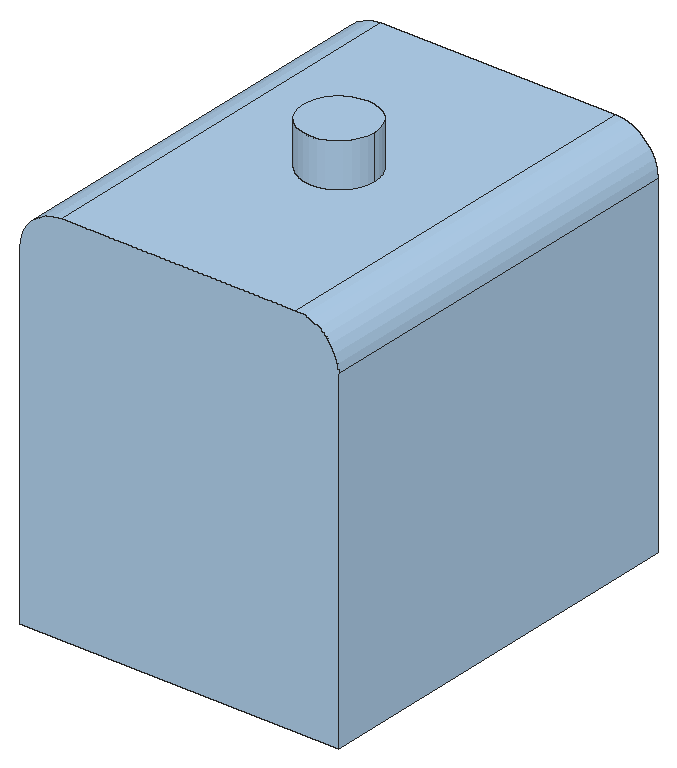
Revit family "ME_FuelTank", category Mechanical Equipment, Revit 2017
Family settings
  Round Connector Dimension = Use Diameter
  Part Type = Normal
  OmniClass Number = 23.75.00.00
  OmniClass Title = Climate Control (HVAC)
  Work Plane-Based = No
  Always vertical = Yes
  Cut with Voids When Loaded = No
  Shared = No
  Room Calculation Point = No
Parameters (values of type "500 l")
  Width = 1066.531 mm
  Tank Height = Height - 145 mm  # 1264 mm
  Length = 1337 mm
  Height = 1409 mm
Reference planes
  plane 1 "Center (Front/Back)": y = 0
  plane 2: z = 0
  plane 3 "Center (Left/Right)": x = 0
Forms (mm)
  Extrusion 1, solid
    sketch origin (0, 0, 0) x (1, 0, 0) y (0, 0, 1)
      loop
        line (533.265, 0) -> (533.265, 1122.468)
        arc (533.265, 1122.468) -> (491.811, 1222.546) -> (391.733, 1264) r 141.532
        line (391.733, 1264) -> (-393.417, 1264)
        arc (-393.417, 1264) -> (-492.305, 1223.039) -> (-533.265, 1124.152) r 139.848
        line (-533.265, 1124.152) -> (-533.265, 0) -> (533.265, 0)
    from -668.5 to 668.5
  Extrusion 2, solid
    sketch origin (0, 0, 0) x (1, 0, 0) y (0, 1, 0)
      loop
        circle (0, 0) r 120
    from 0 to 1409
Dimensions and locks
  "Width": Extrusion 1 sketch curve to Extrusion 1 sketch curve
  equal spacing: Extrusion 1 sketch curve, plane 3 "Center (Left/Right)", Extrusion 1 sketch curve
  equal spacing: Extrusion 1, plane 1 "Center (Front/Back)", Extrusion 1
  "Length": Extrusion 1 to Extrusion 1
  "Tank Height": Extrusion 1 sketch curve to level
  "Height": Extrusion 2 to level
  aligned and locked: level to plane 2
Automatic sketch dimensions
  plane 1 "Center (Front/Back)" to Extrusion 2 sketch curve = 0 mm
  Extrusion 2 sketch curve to plane 3 "Center (Left/Right)" = 0 mm
  Extrusion 1 sketch curve to level = 0 mm
  Extrusion 1 sketch curve to Extrusion 1 sketch curve = 139.848 mm
  Extrusion 1 sketch curve to Extrusion 1 sketch curve = 141.532 mm
  radius of Extrusion 2 sketch curve = 120 mm
